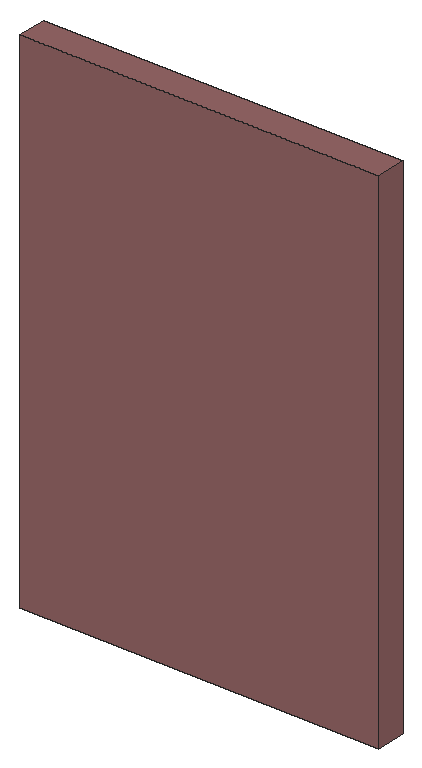
Revit family
Parameters (values of type "350 x 500mm")
  Width = 350 mm
  Placement Height = 1500 mm
  Label = "FACP"
  Height = 500 mm
  Depth = 75 mm
  Material = Metal - Paint Finish - Indian Red, Matte
Types (3, lengths in mm): name | Width | Height | Depth
  (no name) | 350 | 500 | 75
  350 x 500mm | 350 | 500 | 75
  550 x 750mm | 550 | 750 | 100
Reference planes
  plane 1: y = 0
  plane 2: z = 0
  plane 3 "Center (Left/Right)": x = -602.849
  plane 4: z = 1500
  plane 5: z = 1000
  plane 6: x = -427.849
  plane 7: x = -777.849
  plane 8: y = 25
  plane 9: y = 100
  plane 10: z = 1250
Forms (mm)
  Extrusion 1, solid, material "Metal - Paint Finish - Indian Red, Matte" <- "Material"
    sketch origin (-1524, 252.4, 0) x (-1, 0, 0) y (0, 0, 1)
      loop
        line (-1096.151, 1500) -> (-1096.151, 1000) -> (-746.151, 1000) -> (-746.151, 1500) -> (-1096.151, 1500)
    from -152.4 to -123.825
  Extrusion 2, void
    sketch origin (-1524, 252.4, 0) x (-1, 0, 0) y (0, 0, 1)
      loop
        line (-1083.451, 1487.3) -> (-1083.451, 1012.7) -> (-758.851, 1012.7) -> (-758.851, 1487.3) -> (-1083.451, 1487.3)
    from -227.4 to -152.4
Cuts and joins
  Extrusion 2 cuts Extrusion 1
Lines and regions (mm)
  Split face 1
    outline origin (-427.849, 128.575, 1500) x (1, 0, 0) y (0, 0, -1)
      loop
        line (-50.8, 50.8) -> (-50.8, 250) -> (-299.2, 250) -> (-299.2, 50.8) -> (-50.8, 50.8)
Text (mm)
  text "Placement Side" at (-2024.883, 1592.972, 0), in view "Floor Line"
  text "Exterior" at (0, 1019.848, 3124.603), in view "Right"
  text "Interior" at (0, -1635.541, 3124.603), in view "Right"
Dimensions and locks
  "Height": plane 5 to plane 4
  "Placement Height": level to plane 4
  equal spacing: plane 6, plane 3 "Center (Left/Right)", plane 7
  "Width": plane 6 to plane 7
  locked: plane 9 to host wall
  "Depth": plane 8 to plane 9
  locked: Extrusion 2 sketch curve to plane 6 at 12.7
  locked: Extrusion 2 sketch curve to plane 7 at 12.7
  locked: plane 5 to Extrusion 2 sketch curve at 12.7
  locked: Extrusion 2 sketch curve to plane 4 at 12.7
  equal spacing: plane 5, plane 10, plane 4
  aligned and locked: Extrusion 1 to plane 4
  aligned and locked: Extrusion 1 to host wall
  aligned and locked: plane 8 to Extrusion 2
  aligned and locked: host wall to Extrusion 2
  aligned and locked: nested 1 to cut or joined group of Extrusion 1, Extrusion 2
  aligned and locked: Extrusion 1 sketch curve to plane 6
  aligned and locked: Extrusion 1 sketch curve to plane 5
  aligned and locked: plane 7 to Extrusion 1 sketch curve
  aligned and locked: plane 4 to Extrusion 1 sketch curve
  aligned and locked: Split face 1 sketch curve to plane 10
Automatic sketch dimensions
  Split face 1 sketch curve to cut or joined group of Extrusion 1, Extrusion 2 = 50.8 mm  (x3)
Nested families
  nested 1: "Fire Alarm Control Panel-Annotation" at (-603.327, 128.575, 0), type "Fire Alarm Control Panel-Annotation"
Definition of nested family "Fire Alarm Control Panel-Annotation"
  Parameters
    Label = ""
  Reference planes
    plane 1: y = 0
    plane 2: x = 0
  Lines and regions (mm)
    detail lines
      curve 1: line (-3.175, 3.368, 0) -> (3.175, 3.368, 0)
      curve 2: line (3.175, 0.193, 0) -> (3.175, 3.368, 0)
      curve 3: line (-3.175, 0.193, 0) -> (-3.175, 3.368, 0)
      curve 4: line (-3.175, 0.193, 0) -> (3.175, 0.193, 0)
  Text (mm)
    label "FACP" at (0.022, 1.689, 0), shows "Label"
  Automatic sketch dimensions
    curve 3 to plane 2 = 3.175 mm
    plane 2 to curve 1 = 3.175 mm
    curve 3 to plane 1 = 0.193 mm
    curve 3 to curve 3 = 3.175 mm
